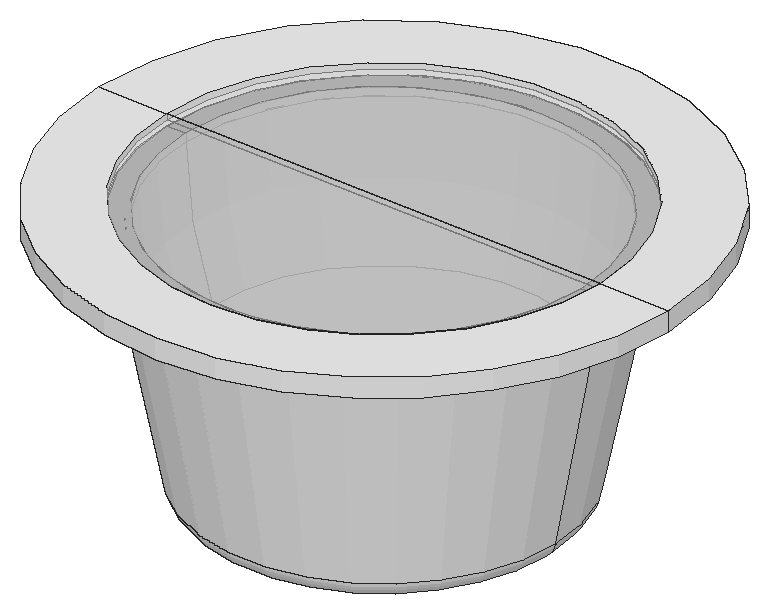
Revit family "2060540+2028034 Sylvania Lighting Fixture ASCENT 100 II ARCH 1000 3K STD 160 with IP44 Clear Glass", category Lighting Fixtures, host Face, Revit 2016
Family settings
  Host = Face
  Part Type = Normal
  Round Connector Dimension = Use Diameter
  OmniClass Number = 23.80.70.11.17
  OmniClass Title = Specialized Lighting by Location or Use
  Cut with Voids When Loaded = No
  Light Source = Yes
  Shared = No
  Room Calculation Point = No
Parameters (values of type "2060540+2028034 ASCT100 II ARCH 1000 3K STD 160 with IP44 Clear Glass")
  WidthBezelAcc_SYL = 25.0 mm
  Weight = "1.2 kg"
  Wattage = 7 W
  WarrantyStartDate [instance] = "n/a"
  WarrantyGuarantorParts = "n/a"
  WarrantyDurationUnit = "n/a"
  WarrantyDurationParts = "n/a"
  WarrantyDescription = "n/a"
  built-in parameter 1150110 = 1 (stored number, unit not read)
  Voltage = 0 V
  VisibilityAccessory_SYL = yes
  TypeName = "ASCENT 100 II ARCH 1000 3K STD 160"
  built-in parameter 1114217 = 1 (stored number, unit not read)
  Tilt Angle = -90°
  built-in parameter 1150109 = 1 (stored number, unit not read)
  built-in parameter 1150134 = (empty or 0)
  built-in parameter 1150113 = 1 (stored number, unit not read)
  SerialNumber [instance] = "n/a"
  ReflectorRadius_SYL = Radius_SYL - 14.5 mm  # 80.0 mm
  RadiusAcc_SYL = 105.0 mm
  Radius_SYL = 94.5 mm
  URL = "http://www.sylvania-lighting.com"
  PowerFactor = 0
  PowerConsumption = "7 W"
  Photometric Web File = "2060540.ies"
  NominalWidth = 0.0 mm
  NominalLength = 0.0 mm
  NominalHeight = 94.0 mm
  Name = "ASCENT 100 II ARCH 1000 3K STD 160"
  ModelReference = "ASCENT 100 II ARCH 1000 3K STD 160"
  ModelNumber = "2060540+2028034"
  Material_4_SYL = none
  Material_3_SYL = Polycarbonate_Sylvania_Ascent_Clear
  Material_2_SYL = Aluminium_Sylvania_Ascent_Silver
  Material_1_SYL = Aluminum_Sylvania_Ascent_White
  Material = "aluminium housing, arcylic diffuser"
  ManufacturerName = "Feilo Sylvania"
  LuminousEfficacy = "138 lm/W"
  built-in parameter 1150105 = 76.872 (stored number, unit not read)
  Lumens = 966 lm
  LuminaireType = ""
  built-in parameter 1150115 = 1 (stored number, unit not read)
  LightOutputRatio = "100"
  built-in parameter 1150137 = (empty or 0)
  built-in parameter 1150139 = (empty or 0)
  LampsType = Lamp  # "LED"
  LampNominalLuminous = "968 lm"
  LampMacAdamStep = "3"
  LampColourTemperature = "3000 K"
  LampColourRenderingIndex = "80"
  built-in parameter 1150112 = 1 (stored number, unit not read)
  built-in parameter 1150114 = 1 (stored number, unit not read)
  Keynote = "16500"
  InstallationDate [instance] = "n/a"
  InputVoltage = "n/a"
  InputNominalFrequency = "n/a"
  built-in parameter 1150132 = (empty or 0)
  built-in parameter 1150102 = (empty or 0)
  built-in parameter 1150107 = 3000 (stored number, unit not read)
  built-in parameter 1150138 = (empty or 0)
  IngressProtection = "IP44"
  ImpactProtectionIndex = "IK02"
  built-in parameter 1150106 = 0.76872 (stored number, unit not read)
  IfcExportType = "IfcLightFixtureType"
  IfcExportAs = "IfcLightFixtureType"
  Height_SYL = 94.0 mm
  HeightAcc_SYL = 7.0 mm
  ExpectedLife = 50000
  EmittionSurface_SYL = if(VisibilityAccessory_SYL, 7.0 mm, 3.0 mm)  # 7.0 mm
  Emit from Circle Diameter = DiffuserRadius_SYL * 2  # 146.0 mm
  Emit Shape Visible in Rendering = no
  ElectricShockClassification = "Class II"
  built-in parameter 1150104 = 12.821 (stored number, unit not read)
  DurationUnit = "hours"
  DocumentationLiterature = "http://www.sylvania-lighting.com/product/en-int/products/2060540"
  DimmingControlOptions = "n/a"
  Dimming Lamp Color Temperature Shift = <None>
  DiffuserRadius_SYL = ReflectorRadius_SYL - 7.0 mm  # 73.0 mm
  Diameter_SYL = 2 * Radius_SYL  # 189.0 mm
  CutoutDiameter_SYL = Diameter_SYL - 13.0 mm  # 176.0 mm
  CreatedOn = "9/17/2018"
  CreatedBy = "@sylvania-lighting.com"
  Color Filter = 16777215
  built-in parameter 1114216 [instance] = 1 (stored number, unit not read)
  Model = "ASCENT 100 II ARCH 1000 3K STD 160"
  Manufacturer = "Feilo Sylvania"
  Lamp = "LED"
  Description = "Direct LED retro fit for original LED 100 Arch (160) single CFL lamp offering Matching lumen levels and improved light distribution of original LED 100 CFL lamp equivalents Typically half the power consumption compared to CFL Up to 112lm/W 160mm aperture Architectural reflector accepts range of glass accessories from existing LED 100 Arch 160 offering HE, HO and VHO versions equivalent of single 1 x 18W, 1 x 32W, 1 x 42W\r\n Additional VVHO versions which offer the performance circa 2 x 32W equivalent"  # constant formula
  Default Elevation = 0.0 mm
  built-in parameter 1140040 [instance] = 1
  BarCode [instance] = "n/a"
  built-in parameter 1114218 = 1 (stored number, unit not read)
  built-in parameter 1150133 = 10 (stored number, unit not read)
  AssetType = "Fixed"
  AssetIdentifier [instance] = "n/a"
  Assembly Code = "D5020200"
  Apparent Load = 7 VA
  Aperture_SYL = 2 * ReflectorRadius_SYL  # 160.0 mm
Reference planes
  plane 1 "Center (Front/Back)": y = 0
  plane 2: z = 0
  plane 3 "Center (Left/Right)": x = 0
  plane 4 "Fixture Bottom": z = 3
  plane 5: z = -52.5
  plane 6 "Fixture Top": z = -91
  plane 7: x = -105
  plane 8: z = 7
  plane 9: x = -80
  plane 10: z = 5
  plane 11: x = -103
Forms (mm)
  Extrusion 1, solid, material "Aluminum_Sylvania_Ascent_White", detail levels fine
    sketch origin (0, 0, 0) x (1, 0, 0) y (0, 1, 0)
      loop
        circle (0, 0) r 94.5
      loop
        circle (0, 0) r 80
    from 0 to 3
  Extrusion 2, void
    sketch origin (0, 0, 0) x (1, 0, 0) y (0, 1, 0)
      loop
        circle (0, 0) r 88
    from -91 to 3
  Revolve 3, solid, material "Aluminum_Sylvania_Ascent_White" <- "Material_1_SYL", detail levels fine
    sketch origin (0, 0, 0) x (1, 0, 0) y (0, 0, 1)
      loop
        line (0, -91.073) -> (0, -89.023) -> (-55.468, -89.014)
        arc (-55.468, -89.014) -> (-59.352, -87.613) -> (-61.54, -84.139) r 6.307
        line (-61.54, -84.139) -> (-77.991, -2.844) -> (-77.991, 0) -> (-80, 0) -> (-80, -3) -> (-63.5, -84.536)
        arc (-63.5, -84.536) -> (-60.643, -89.203) -> (-55.5, -91.073) r 8.291
        line (-55.5, -91.073) -> (0, -91.073)
      axis (0, 0) -> (0, -91.073)
    angle from 0 to 360
  Revolve 4, solid, material "Aluminium_Sylvania_Ascent_Silver" <- "Material_2_SYL", detail levels fine
    sketch origin (0, 0, 0) x (1, 0, 0) y (0, 0, 1)
      loop
        line (-80, 3) -> (-80, 0) -> (-75, 0)
        arc (-75, 0) -> (-72.349, -26.77) -> (-64.5, -52.5) r 136.5
        line (-64.5, -52.5) -> (-58, -52.5)
        arc (-58, -52.5) -> (-56.857, -61.521) -> (-53.5, -69.971) r 36.166
        line (-53.5, -69.971) -> (0, -69.971) -> (0, -50.5) -> (-63.16, -50.5)
        arc (-63.16, -50.5) -> (-70.517, -25.725) -> (-73, 0) r 134.5
        line (-73, 0) -> (-73, 3) -> (-80, 3)
      axis (0, 3) -> (0, -69.971)
    angle from 0 to 360
  Extrusion 5, solid, material "Polycarbonate_Sylvania_Ascent_Clear" <- "Material_3_SYL", detail levels fine
    sketch origin (0, 0, 0) x (1, 0, 0) y (0, 1, 0)
      loop
        circle (0, 0) r 73
    from 0 to 3
  Revolve 6, solid, material "Aluminum_Sylvania_Ascent_White" <- "Material_1_SYL", detail levels coarse+medium
    sketch origin (0, 0, 0) x (1, 0, 0) y (0, 0, 1)
      loop
        line (0, -91.073) -> (0, 3) -> (-94.5, 3) -> (-94.5, 0) -> (-79.5, 0) -> (-79.5, -3) -> (-63, -84.536)
        arc (-63, -84.536) -> (-60.143, -89.203) -> (-55, -91.073) r 8.291
        line (-55, -91.073) -> (0, -91.073)
      axis (0, 3) -> (0, -91.073)
    angle from 0 to 360
  Revolve 7, solid, material "Aluminum_Sylvania_Ascent_White" <- "Material_1_SYL", visible <- "VisibilityAccessory_SYL"
    sketch origin (0, 0, 0) x (1, 0, 0) y (0, 0, 1)
      loop
        line (-105, 0) -> (-103, 0) -> (-103, 5) -> (-80, 5) -> (-80, 7) -> (-105, 7) -> (-105, 0)
      axis (0, 7) -> (0, 0)
    angle from 0 to 360
  Revolve 8, solid, material "Polycarbonate_Sylvania_Ascent_Clear" <- "Material_3_SYL", visible <- "VisibilityAccessory_SYL"
    sketch origin (0, 0, 0) x (1, 0, 0) y (0, 0, 1)
      loop
        line (-80, 7) -> (-80, 5) -> (0, 5) -> (0, 7) -> (-80, 7)
      axis (0, 7) -> (0, 5)
    angle from 0 to 360
Lines and regions (mm)
  reference lines
    curve 1: line (-150, 0, 7) -> (125, 0, 7)
Dimensions and locks
  locked: plane 4 "Fixture Bottom" to plane 2 at 3
  "Height_SYL": plane 4 "Fixture Bottom" to plane 6 "Fixture Top"
  "ReflectorRadius_SYL": plane 3 "Center (Left/Right)" to Revolve 4 sketch curve
  locked: Revolve 4 sketch curve to Revolve 4 sketch curve at 15.5
  locked: Revolve 4 sketch curve to Revolve 4 sketch curve at 5
  locked: Revolve 4 sketch curve to Revolve 4 sketch curve at 7
  locked: Revolve 4 sketch curve to Revolve 4 sketch curve at 22
  locked: Revolve 4 sketch curve to Revolve 4 sketch curve at 26.5
  locked: Revolve 3 sketch curve to Revolve 3 sketch curve at 16.5
  locked: Revolve 3 sketch curve to Revolve 3 sketch curve at 24.5
  "ReflectorRadius_SYL": Revolve 3 sketch curve to plane 3 "Center (Left/Right)"
  locked: Revolve 3 sketch curve to plane 6 "Fixture Top" at 6.464
  locked: plane 2 to Revolve 3 sketch curve at 3
  locked: Revolve 3 sketch curve to Revolve 3 sketch curve at 2
  locked: Revolve 3 sketch curve to Revolve 3 sketch curve at 2.009
  locked: plane 2 to plane 5 at 52.5
  locked: Revolve 6 sketch curve to Revolve 6 sketch curve at 31.5
  locked: Revolve 6 sketch curve to Revolve 6 sketch curve at 39.5
  locked: Revolve 6 sketch curve to Revolve 6 sketch curve at 15
  "Radius_SYL": plane 3 "Center (Left/Right)" to Revolve 6 sketch curve
  "RadiusAcc_SYL": plane 3 "Center (Left/Right)" to plane 7
  "HeightAcc_SYL": plane 8 to level
  "WidthBezelAcc_SYL": plane 7 to plane 9
  locked: plane 7 to plane 11 at 2
  locked: plane 8 to plane 10 at 2
  "EmittionSurface_SYL": curve 1 to level
  "CutoutDiameter_SYL": diameter of Extrusion 2 sketch curve
  "ReflectorRadius_SYL": radius of Extrusion 1 sketch curve
  "DiffuserRadius_SYL": radius of Extrusion 5 sketch curve
  "Radius_SYL": radius of Extrusion 1 sketch curve
  aligned and locked: host face to plane 2
  aligned and locked: host face to level
  aligned and locked: plane 4 "Fixture Bottom" to Extrusion 1
  aligned and locked: Extrusion 1 to plane 2
  aligned and locked: Revolve 3 sketch curve to plane 3 "Center (Left/Right)"
  aligned and locked: Revolve 4 sketch curve to plane 3 "Center (Left/Right)"  (x2)
  aligned and locked: plane 4 "Fixture Bottom" to Revolve 4 sketch curve
  aligned and locked: Extrusion 5 to plane 2
  aligned and locked: plane 2 to Revolve 3 sketch curve  (x2)
  aligned and locked: Revolve 6 sketch curve to plane 3 "Center (Left/Right)"
  aligned and locked: plane 6 "Fixture Top" to Extrusion 2
  aligned and locked: Revolve 7 sketch curve to plane 3 "Center (Left/Right)"
  aligned and locked: host face to Revolve 7 sketch curve  (x2)
  aligned and locked: Revolve 7 sketch curve to plane 7
  aligned and locked: plane 8 to Revolve 7 sketch curve
  aligned and locked: plane 9 to Revolve 7 sketch curve
  aligned and locked: Revolve 7 sketch curve to plane 10
  aligned and locked: plane 11 to Revolve 7 sketch curve
  aligned and locked: Revolve 7 to Revolve 8 sketch curve
  aligned and locked: Revolve 8 sketch curve to Revolve 7  (x2)
  aligned and locked: Revolve 8 sketch curve to plane 3 "Center (Left/Right)"  (x2)
  aligned and locked: plane 3 "Center (Left/Right)" to imposter light
  aligned and locked: imposter light to plane 1 "Center (Front/Back)"
  aligned and locked: imposter light to curve 1
Automatic sketch dimensions
  plane 1 "Center (Front/Back)" to Extrusion 2 sketch curve = 0.0 mm
  Extrusion 2 sketch curve to plane 3 "Center (Left/Right)" = 0.0 mm
  Extrusion 1 sketch curve to Extrusion 1 sketch curve = 0.0 mm  (x2)
  plane 1 "Center (Front/Back)" to Extrusion 1 sketch curve = 0.0 mm
  Extrusion 1 sketch curve to plane 3 "Center (Left/Right)" = 0.0 mm
  plane 6 "Fixture Top" to Revolve 3 sketch curve = 0.073 mm
  Revolve 3 sketch curve to plane 6 "Fixture Top" = 6.861 mm
  Revolve 3 sketch curve to Revolve 3 sketch curve = 0.003 mm
  Revolve 3 sketch curve to Revolve 3 sketch curve = 0.009 mm  (x2)
  Revolve 3 sketch curve to Revolve 3 sketch curve = 0.023 mm
  Revolve 3 sketch curve to Revolve 3 sketch curve = 0.072 mm
  Revolve 3 sketch curve to Revolve 3 sketch curve = 0.008 mm
  Revolve 3 sketch curve to plane 6 "Fixture Top" = 1.977 mm
  Revolve 3 sketch curve to Revolve 3 sketch curve = 33.496 mm
  Revolve 3 sketch curve to Revolve 3 sketch curve = 0.028 mm
  plane 4 "Fixture Bottom" to Revolve 3 sketch curve = 82.431 mm
  Revolve 4 sketch curve to Revolve 4 sketch curve = 0.0 mm  (x2)
  Revolve 4 sketch curve to plane 5 = 0.0 mm
  Revolve 4 sketch curve to level = 0.0 mm
  plane 5 to Revolve 4 sketch curve = 2.0 mm
  plane 4 "Fixture Bottom" to Revolve 4 sketch curve = 9.642 mm
  plane 1 "Center (Front/Back)" to Extrusion 5 sketch curve = 0.0 mm
  Extrusion 5 sketch curve to plane 3 "Center (Left/Right)" = 0.0 mm
  Revolve 4 sketch curve to level = 69.971 mm
  Revolve 4 sketch curve to Revolve 4 sketch curve = 2.387 mm
  Revolve 6 sketch curve to level = 0.0 mm
  Revolve 6 sketch curve to plane 3 "Center (Left/Right)" = 0.0 mm
  Revolve 6 sketch curve to Revolve 6 sketch curve = 8.104 mm
  Revolve 6 sketch curve to level = 3.0 mm
  Revolve 6 sketch curve to plane 6 "Fixture Top" = 6.464 mm
  plane 6 "Fixture Top" to Revolve 6 sketch curve = 0.073 mm
  Revolve 6 sketch curve to Revolve 6 sketch curve = 33.496 mm
  plane 4 "Fixture Bottom" to Revolve 6 sketch curve = 82.431 mm
  host sketch curve to host sketch curve = 1704.996 mm
  host sketch curve to host sketch curve = 1500.0 mm
  plane 6 "Fixture Top" to Revolve 7 sketch curve = 281.274 mm
  Revolve 7 sketch curve to plane 8 = 1140.706 mm
  plane 6 "Fixture Top" to Revolve 8 sketch curve = 281.274 mm
  Revolve 8 sketch curve to Revolve 8 sketch curve = 1140.706 mm
  Revolve 3 sketch curve to plane 3 "Center (Left/Right)" = 0.0 mm
  Revolve 6 sketch curve to plane 4 "Fixture Bottom" = 0.0 mm
  plane 7 to curve 1 = 45.0 mm
  plane 3 "Center (Left/Right)" to curve 1 = 125.0 mm
Connectors
  electrical at (0, 0, -91.073), driven by "Apparent Load"
    settings: on Revolve 3, index 1, voltage 240 V, apparent load 0 VA, apparent load phase1 7 VA, apparent load phase2 0 VA, apparent load phase3 0 VA, power factor 1, load classification "Lighting", number of poles 1, system type 31, power factor state 1, is connector primary yes, connector utility no, sub classification motor no, connector description ""
